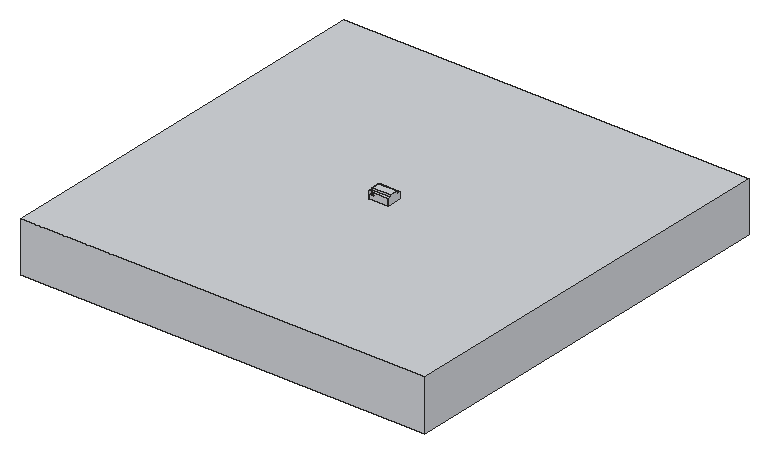
Revit family "Gira_530100", category Elektroinstallationen, Revit 2017
Family settings
  Basisbauteil = Fläche
  Beschriftungsausrichtung beibehalten = Nein
  Bemaßung runder Anschluss = Durchmesser verwenden
  Teiletyp = Normal
  Beim Laden mit Abzugskörper schneiden = Nein
  Gemeinsam genutzt = Nein
  Raumberechnungspunkt = Nein
Parameters (values of type "Server REG Gira eNet")
  Default Elevation = 1219.2 mm
  URL = "https://www.gira.de/"
  Typname = "Server REG Gira eNet"
  Type Comments = ""
  Produktseite = "https://media.live.bim.site/t/eyJhbGciOiJIUzI1NiIsInR5cCI6IkpXVCJ9.eyJjdCI6MiwidHUiOiJodHRwOi8va2F0YWxvZy5naXJhLmRlL2RlX0RFL2RhdGVuYmxhdHQuaHRtbD9hcnRpa2VsbnI9NTMwMTAwIiwiY2lkIjoiZmVkOThlOWEtMWJkOC00YzY4LWE3M2ItNzRhOTRlMzE1ODIzIiwicmlkIjoiM2M4NzM3NmU3NmM3NDAxMDY0MTA2NTQ0NDI5YzE2OTMiLCJwaWQiOiIzNDY4ODA2MmIzMWE3NjgyNTg3NTUzNWFhMjBjODdiMjFmMTViY2M5Iiwic2lkIjoiNjM0NzAiLCJ1dCI6MSwibGMiOiJkZSIsImlhdCI6MTYwNjk3ODc5NiwiaXNzIjoiaHR0cHM6Ly9hcGkubGl2ZS5iaW0uc2l0ZSIsInN1YiI6IjhkM2FhNWNiLWUwNjYtNDU5OC1iZTE2LTZlMTZlZTc0OTU2YSJ9.SNkNX_jKEYKoE4SHm985jr7es3UkGbaZV0TR7XnrkUU"
  Model = ""
  Cost = 0
  Ist Zubehör = no
  Ist System = no
  Hersteller = "Gira"
  HeinzeBIM = "https://www.heinze.de/bim/server-reg-gira-enet/34688062b31a76825875535aa20c87b21f15bcc9"
  HAN = "530100"
  GTIN = "4010337591306"
  Datenblatt 1 = "https://media.live.bim.site/t/eyJhbGciOiJIUzI1NiIsInR5cCI6IkpXVCJ9.eyJjdCI6MSwidGYiOiJwdWJsaWMvZ2lyYS8xMTljZWFmLzUzMDEwMC50eHQiLCJjaWQiOiJmZWQ5OGU5YS0xYmQ4LTRjNjgtYTczYi03NGE5NGUzMTU4MjMiLCJyaWQiOiIzYzg3Mzc2ZTc2Yzc0MDEwNjQxMDY1NDQ0MjljMTY5MyIsInBpZCI6IjM0Njg4MDYyYjMxYTc2ODI1ODc1NTM1YWEyMGM4N2IyMWYxNWJjYzkiLCJzaWQiOiI2MzQ3MCIsInV0IjoxLCJsYyI6ImRlIiwiaWF0IjoxNjA2OTc4Nzk2LCJpc3MiOiJodHRwczovL2FwaS5saXZlLmJpbS5zaXRlIiwic3ViIjoiOGQzYWE1Y2ItZTA2Ni00NTk4LWJlMTYtNmUxNmVlNzQ5NTZhIn0.3Jiqln7psJ9g5aQRytjpu32_7BZYlmrzjl3lcTkaTFE/530100.txt"
  Datenblatt = "https://media.live.bim.site/t/eyJhbGciOiJIUzI1NiIsInR5cCI6IkpXVCJ9.eyJjdCI6MSwidHUiOiJodHRwczovL2thdGFsb2cuZ2lyYS5kZS9kZV9ERS9kb3dubG9hZC5odG1sP2FydGlrZWxucj01MzAxMDAiLCJjaWQiOiJmZWQ5OGU5YS0xYmQ4LTRjNjgtYTczYi03NGE5NGUzMTU4MjMiLCJyaWQiOiIzYzg3Mzc2ZTc2Yzc0MDEwNjQxMDY1NDQ0MjljMTY5MyIsInBpZCI6IjM0Njg4MDYyYjMxYTc2ODI1ODc1NTM1YWEyMGM4N2IyMWYxNWJjYzkiLCJzaWQiOiI2MzQ3MCIsInV0IjoxLCJsYyI6ImRlIiwiaWF0IjoxNjA2OTc4Nzk2LCJpc3MiOiJodHRwczovL2FwaS5saXZlLmJpbS5zaXRlIiwic3ViIjoiOGQzYWE1Y2ItZTA2Ni00NTk4LWJlMTYtNmUxNmVlNzQ5NTZhIn0.nT-LKuL36RVuooREsNxRFUjTiMGoOPhzjAos68rjwIY"
  Beschreibung = "eNet Server  REG Merkmale:  Visualisierungsserver eNet SMART HOME.  Visualisierung für iOS und Android Smartphones.  Visualisierung für iOS und Android Tablets.  Visualisierung für Gira G1 mit Türkommunikation und Wetterservice.  Visualisierung des Gira Interfaces über Gira Control 9 Client 2.  Visualisierungsfunktionen (Schalten, Dimmen, DALI, Tasten, Jalousie-, Rollläden-, Markiesensteuerung, tado-Heizungsregelung, Szenen, Statusanzeige, Favoriten, Benachrichtigungen).  Kompatibel zur smarten Heizungssteuerung von tado ab eNet Server Software Version 2.1.  Einfaches anlegen und Konfiguration von bis zu 34 Szenen mit bis zu 100 Aktionen über die Visualisierung.  Einfaches anlegen und Konfiguration von bis zu 100 Zeitschaltuhren mit bis zu 100 Aktionen über die Visualisierung.  Einfaches anlegen und Konfiguration von bis zu 32 Wenn-Dann-regeln mit bis zu 32 Bedingungen, Aktionen, Später-Aktionen über die Visualisierung.  Gleichzeitiger Zugriff von bis zu 8 Visualisierungsgeräten (Smartphone, Tablet, G1, Gira Control 9 Client 2 oder Windows(r) PC.  Bis zu 10 verschiedene Benutzerkonten anlegen.  Einfaches Benutzermanagement über eNet SMART HOME Visualisierung.  Visualisierung von Energiesensoren.     Import   Export von Projektdateien.  Einfacher Projektabgleich über eNet SMART HOME connect.  Update und Konfiguration von eNet SMART HOME Geräten.  Integrierte Telegrammaufzeichnung zur Diagnose.  Automatisch generierte Projektdokumentation.     Funksender und Funkempfänger für max. 32 eNet Funk Reiheneinbaugeräte (kein eNet Funk Empfangsmodul REG erforderlich).  Interne eNet Funk- und WLAN-Antenne.  Externe eNet Funk- und WLAN-Antennen anschließbar.    Hohe Sicherheit:  Vollverschlüsselte Funkübertragung (AES-CCM 128 bit) verhindert das Mitlesen durch Dritte.  Vollverschlüsselter Fernzugriff über My-eNet-Portal (my.enet-smarthome.com) für IPv4 und IPv6 verhindert das Mitlesen durch Dritte.  Vollverschlüsselte Fernwartung über My-eNet-Portal (my.enet-smarthome.com) verhindert das Mitlesen durch Dritte  Hinweise :  Die Installation des eNet Servers ist möglichst an einem zentralen Ort (z. B. Erdgeschoss) vorzunehmen, um eine gute Empfangsqualität zu gewährleisten.  Beim Einbau in Verteilerschrank bzw. Unterverteilung mit Metallgehäuse ist eine Zusatzantenne erforderlich. Die Zusatzantenne ist außerhalb des Metallgehäuses zu platzieren.  Die Inbetriebnahme des Servers erfolgt mit dem Web-Interface eNet SMART HOME connect. Für die Inbetriebnahme über das Web-Interface muss der Inbetriebnahme-Computer über einen aktuellen Browser (z. B. Mozilla Firefox, Microsoft Internet Explorer, Edge, Safari, Chrome) verfügen.  Zur Spannungsversorgung im Verteilerschrank wird die Spannungsversorgung benötigt.  Nicht kompatible zum Gira Funk-Bussystem.  Kompatibilität zur intelligenten Heizungssteuerung von tado ist ab eNet Server Version 2.1 gewährleistet."
  Assembly Code = ""
  Keynote = ""
  BIMSITE_PRODUCT_ID = "34688062b31a76825875535aa20c87b21f15bcc9"
  BIM = "https://media.live.bim.site/t/eyJhbGciOiJIUzI1NiIsInR5cCI6IkpXVCJ9.eyJjdCI6MSwidGYiOiJwdWJsaWMvZ2lyYS8xMTljZWFmLzUzMDEgMDBfUkVHIDYucmZhIiwiY2lkIjoiZmVkOThlOWEtMWJkOC00YzY4LWE3M2ItNzRhOTRlMzE1ODIzIiwicmlkIjoiM2M4NzM3NmU3NmM3NDAxMDY0MTA2NTQ0NDI5YzE2OTMiLCJwaWQiOiIzNDY4ODA2MmIzMWE3NjgyNTg3NTUzNWFhMjBjODdiMjFmMTViY2M5Iiwic2lkIjoiNjM0NzAiLCJ1dCI6NSwibGMiOiJkZSIsImlhdCI6MTYwNjk3ODc5NiwiaXNzIjoiaHR0cHM6Ly9hcGkubGl2ZS5iaW0uc2l0ZSIsInN1YiI6IjhkM2FhNWNiLWUwNjYtNDU5OC1iZTE2LTZlMTZlZTc0OTU2YSJ9.vvTkxmEzvCw0tICHIHAaExPpzD6AJms7iQL-mfuaxfo/5301 00_REG 6.rfa"
  Art des Zubehörs = "sonstige"
Reference planes
  plane 1 "Center (Front/Back)": y = 0
  plane 2: z = 0
  plane 3 "Center (Left/Right)": x = 0
Forms (mm)
  Extrusion 1, solid
    sketch origin (0, 0, 0) x (1, 0, 0) y (0, 1, 0)
      loop
        line (-1219.2, 1219.2) -> (-1219.2, -1219.2) -> (1219.2, -1219.2) -> (1219.2, 1219.2) -> (-1219.2, 1219.2)
    from 0 to -304.8
  Extrusion 2, solid, detail levels fine
    sketch origin (0, 0, 0) x (0, 1, 0) y (0, 0, 1)
      loop
        line (23, 49.5) -> (-23, 49.5) -> (-23, 39) -> (-43, 39) -> (-43, 0) -> (-41, 0) -> (-41, 37.5) -> (-21.5, 37.5) -> (-21.5, 45.5) -> (21.5, 45.5) -> (21.5, 37.5) -> (41, 37.5) -> (41, 0) -> (43, 0) -> (43, 39) -> (23, 39) -> (23, 49.5)
    from -56.45 to 56.45
  Extrusion 3, solid, detail levels fine
    sketch origin (-19.55, 0, 0) x (0, 1, 0) y (0, 0, 1)
      loop
        line (23, 49.5) -> (-23, 49.5) -> (-23, 39) -> (-43, 39) -> (-43, 20) -> (-43, 0) -> (43, 0) -> (43, 20) -> (43, 39) -> (23, 39) -> (23, 49.5)
    from 76 to 78.5
  Extrusion 4, solid, detail levels fine
    sketch origin (19.55, 0, 0) x (0, 1, 0) y (0, 0, -1)
      loop
        line (23, -49.5) -> (23, -39) -> (43, -39) -> (43, -20) -> (43, 0) -> (-43, 0) -> (-43, -20) -> (-43, -39) -> (-23, -39) -> (-23, -49.5) -> (23, -49.5)
    from 76 to 78.5
  Extrusion 5, solid, detail levels medium
    sketch origin (0, 0, 0) x (0, 1, 0) y (0, 0, 1)
      loop
        line (23, 49.5) -> (-23, 49.5) -> (-23, 39) -> (-43, 39) -> (-43, 20) -> (-43, 0) -> (43, 0) -> (43, 20) -> (43, 39) -> (23, 39) -> (23, 49.5)
    from -58.95 to 58.95
  Extrusion 6, void
    sketch origin (0, 0, 0) x (1, 0, 0) y (0, 1, 0)
      loop
        line (-56.45, -43) -> (-31.45, -43) -> (-31.45, -33) -> (-56.45, -33) -> (-56.45, -43)
    from 25.421 to 39
  Extrusion 7, solid, detail levels coarse
    sketch origin (0, 0, 0) x (1, 0, 0) y (0, 1, 0)
      loop
        line (-58.95, -43) -> (58.95, -43) -> (58.95, 43) -> (-58.95, 43) -> (-58.95, -43)
    from 0 to 49.5
  Extrusion 8, solid
    sketch origin (0, 0, -0.421) x (0, 1, 0) y (0, 0, 1)
      loop
        line (-33, 37.5) -> (-33, 25.421) -> (-41, 25.421) -> (-41, 23.921) -> (-31.503, 23.921) -> (-31.503, 37.5) -> (-33, 37.5)
    from -56.45 to -31.45
Cuts and joins
  Extrusion 6 cuts Extrusion 2
  Extrusion 6 cuts Extrusion 4
  Extrusion 6 cuts Extrusion 5
Dimensions and locks
  aligned and locked: plane 2 to Extrusion 1
  aligned and locked: level to Extrusion 1
